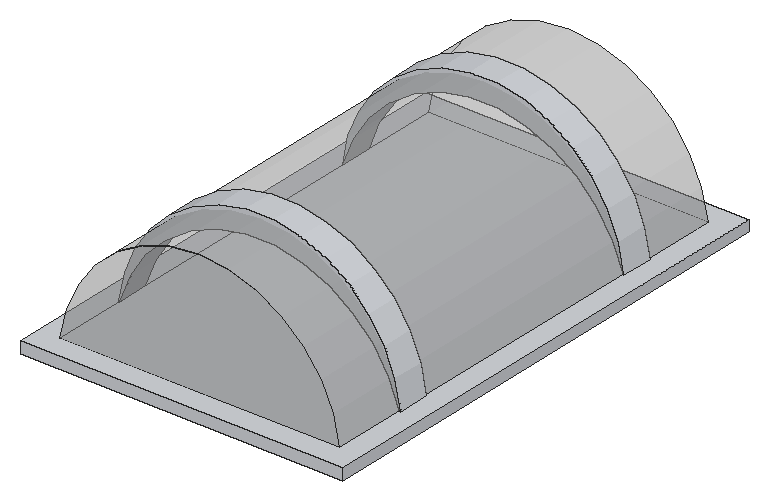
Revit family "7602", category Lighting Fixtures, Revit 2016
Family settings
  Part Type = Normal
  Round Connector Dimension = Use Diameter
  OmniClass Number = 23.80.70.00
  OmniClass Title = Lighting
  Work Plane-Based = No
  Always vertical = Yes
  Cut with Voids When Loaded = No
  Light Source = Yes
  Shared = No
  Room Calculation Point = No
Parameters
  Wattage = 12.1178 W
  built-in parameter 1150110 = 1 (stored number, unit not read)
  built-in parameter 1114217 = 1 (stored number, unit not read)
  built-in parameter 1150109 = 1 (stored number, unit not read)
  built-in parameter 1150134 = (empty or 0)
  built-in parameter 1150113 = 1 (stored number, unit not read)
  Lumens = 1800 lm
  built-in parameter 1150115 = 1 (stored number, unit not read)
  built-in parameter 1150105 = 143.24 (stored number, unit not read)
  Light Source Symbol Size = 2' - 0"
  built-in parameter 1150137 = (empty or 0)
  built-in parameter 1150139 = (empty or 0)
  built-in parameter 1150112 = 1 (stored number, unit not read)
  built-in parameter 1150114 = 1 (stored number, unit not read)
  built-in parameter 1150132 = 2
  built-in parameter 1150102 = (empty or 0)
  built-in parameter 1150138 = (empty or 0)
  built-in parameter 1150107 = 3000 (stored number, unit not read)
  built-in parameter 1150106 = 1.4324 (stored number, unit not read)
  built-in parameter 1150104 = 13.8 (stored number, unit not read)
  Dimming Lamp Color Temperature Shift = (empty or 0)
  Color Filter = 16777215
  built-in parameter 1114218 = 1 (stored number, unit not read)
  built-in parameter 1150133 = 10 (stored number, unit not read)
Reference planes (in)
  plane 1 "Light Source Axis (F/B)": y = 0
  plane 2: z = 0
  plane 3 "Light Source Axis (L/R)": x = 0
  plane 4 "Light Source Elevation": z = 7
  plane 5: y = 10
  plane 6: y = 9.5
Forms (in)
  Extrusion 1, solid
    sketch origin (0, 0, 0) x (1, 0, 0) y (0, 1, 0)
      loop
        line (-7, 11) -> (-7, -11) -> (7, -11) -> (7, 11) -> (-7, 11)
    from 0 to 0.5
  Extrusion 2, solid, material "Acrylic-Brownlee"
    sketch origin (-7, 10, 48) x (-1, 0, 0) y (0, 0, 1)
      loop
        line (-13.07846, -47.5) -> (-0.92154, -47.5)
        arc (-0.92154, -47.5) -> (-7, -42.11627) -> (-13.07846, -47.5) r 6.12329
    from 0 to -20
  Extrusion 3, solid
    sketch origin (0, 5.375, 8.061) x (0, 0, 1) y (1, 0, 0)
      loop
        line (-7.561, -6.08253) -> (-7.561, -6.11574)
        arc (-7.561, -6.11574) -> (-2.01719, -0.00203) -> (-7.561, 6.11167) r 6.14299
        line (-7.561, 6.11167) -> (-7.561, 6.07846)
        arc (-7.561, 6.07846) -> (-2.96837, -0.00203) -> (-7.561, -6.08253) r 6.32151
    from 0 to 1.375
  Extrusion 4, solid
    sketch origin (0, -5.375, 8.061) x (0, 0, 1) y (-1, 0, 0)
      loop
        arc (-7.561, 6.08253) -> (-2.96837, 0.00203) -> (-7.561, -6.07846) r 6.32151
        line (-7.561, -6.07846) -> (-7.561, -6.11167)
        arc (-7.561, -6.11167) -> (-2.01719, 0.00203) -> (-7.561, 6.11574) r 6.14299
        line (-7.561, 6.11574) -> (-7.561, 6.08253)
    from 0 to 1.375
Dimensions and locks (in)
  aligned and locked: plane 3 "Light Source Axis (L/R)" to imposter light
  aligned and locked: plane 1 "Light Source Axis (F/B)" to imposter light
  aligned and locked: plane 4 "Light Source Elevation" to imposter light
  aligned and locked: level to plane 2
